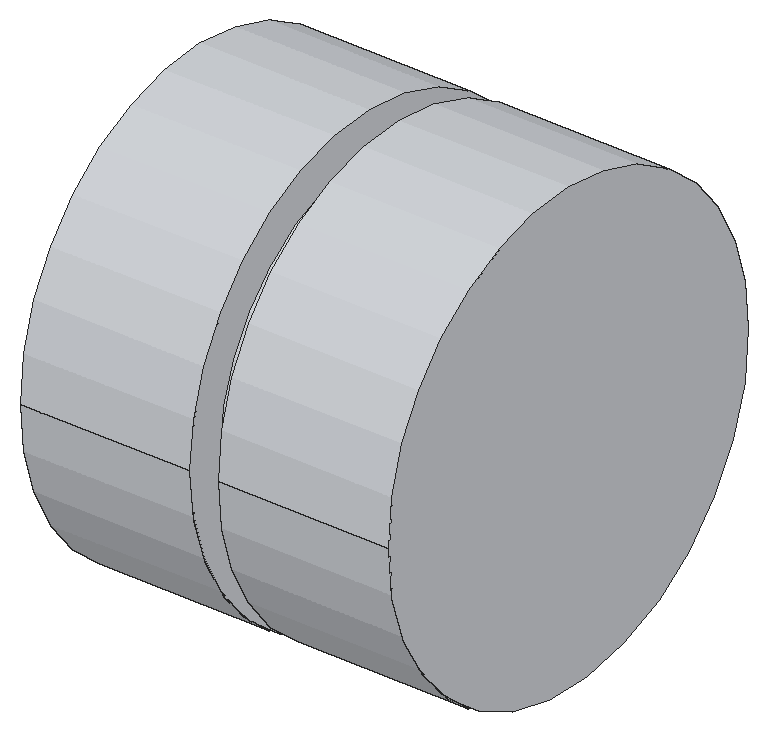
Revit family "M_Ligação - PVC - Sch 40 - DWV", category Conexões de tubo, Revit 2019
Family settings
  Cota do conector redondo = Usar raio
  Tipo de parte = União
  Número OmniClass = 23.60.30.11.14
  Título OmniClass = Pipework Fittings
  ID de item do Seek = Coupling - PVC - Sch 40 - DWV-0000-CAN-ENU
  Com base no plano de trabalho = Não
  Sempre na vertical = Sim
  Corte com vazios quando carregada = Não
  Compartilhado = Não
Parameters (values of type "Padrão")
  Espessura da parede [instance] = size_lookup(Nome da tabela de pesquisa, "WThk", 0.02 * Diâmetro nominal + 3.274 mm, Diâmetro nominal)  # 3.962 mm
  Tamanho da marca de revisão [instance] = Diâmetro externo da conexão * 0.4  # 16.866 mm
  Raio externo do soquete [instance] = Diâmetro externo do soquete / 2  # 25.235 mm
  Diâmetro externo do soquete [instance] = Diâmetro da entrada do soquete + Espessura da parede * 2  # 50.47 mm
  Diâmetro da entrada do soquete [instance] = size_lookup(Nome da tabela de pesquisa, "SED", 1.04 * Diâmetro nominal + 9.426 mm, Diâmetro nominal)  # 42.545 mm
  Raio nominal [instance] = 16 mm
  Diâmetro nominal [instance] = Raio nominal * 2  # 32 mm
  Método de perda = Não definido
  Nome da tabela de pesquisa = "M_Coupling - PVC - Sch 40 - DWV"
  Comprimento [instance] = size_lookup(Nome da tabela de pesquisa, "Lgt", 1.07 * Diâmetro nominal - 7.838 mm, Diâmetro nominal)  # 41.275 mm
  Raio externo da conexão [instance] = Diâmetro externo da conexão / 2  # 21.082 mm
  Diâmetro externo da conexão [instance] = size_lookup(Nome da tabela de pesquisa, "FOD", 1.04 * Diâmetro nominal + 9.128 mm, Diâmetro nominal)  # 42.164 mm
  Comprimento da conexão [instance] = size_lookup(Nome da tabela de pesquisa, "FLgt", 0.02 * Diâmetro nominal + 2.778 mm, Diâmetro nominal)  # 3.175 mm
Reference planes
  plane 1 "Centro (Frente/Trás)": y = 0
  plane 2: z = 0
  plane 3 "Centro (Esquerda/Direita)": x = 0
  plane 4: x = -1.587
  plane 5: x = 1.588
  plane 6: x = -20.637
  plane 7: x = 20.638
Forms (mm)
  Sweep 1, solid, detail levels fine
    path in 3D
      loop
        line (-1.587, 0, 0) -> (1.588, 0, 0)
    profile origin (0, 0, 0) x (0, 1, 0) y (0, 0, 1)
      loop
        circle (0, 0) r 21.082
  Sweep 2, solid, detail levels fine
    path in 3D
      loop
        line (-20.637, 0, 0) -> (-1.587, 0, 0)
    profile origin (-11.112, 0, 0) x (0, 1, 0) y (0, 0, 1)
      loop
        circle (0, 0) r 25.235
  Sweep 3, solid, detail levels fine
    path in 3D
      loop
        line (1.588, 0, 0) -> (20.638, 0, 0)
    profile origin (11.113, 0, 0) x (0, 1, 0) y (0, 0, 1)
      loop
        circle (0, 0) r 25.235
Cuts and joins
  joined: Sweep 1, Sweep 2, Sweep 3
Lines and regions (mm)
  model lines, detail levels coarse+medium
    curve 1: line (-1.587, 0, 0) -> (1.588, 0, 0)
    curve 3: line (-20.637, 0, 0) -> (-1.587, 0, 0)
    curve 5: line (1.588, 0, 0) -> (20.638, 0, 0)
    curve 7: line (-20.637, 16.866, 0) -> (-20.637, 0, 0)
    curve 8: line (-20.637, -16.866, 0) -> (-20.637, 0, 0)
    curve 9: line (20.638, 16.866, 0) -> (20.638, 0, 0)
    curve 10: line (20.638, -16.866, 0) -> (20.638, 0, 0)
  sketch lines
    curve 2: line (-1.587, 0, 0) -> (1.588, 0, 0)
    curve 4: line (-20.637, 0, 0) -> (-1.587, 0, 0)
    curve 6: line (1.588, 0, 0) -> (20.638, 0, 0)
Dimensions and locks
  equal spacing: plane 4, plane 3 "Centro (Esquerda/Direita)", plane 5
  "Comprimento da conexão": plane 4 to plane 5
  equal spacing: plane 6, plane 3 "Centro (Esquerda/Direita)", plane 7
  "Comprimento": plane 6 to plane 7
  "Tamanho da marca de revisão": curve 7 to curve 7
  "Tamanho da marca de revisão": curve 8 to curve 8
  "Tamanho da marca de revisão": curve 9 to curve 9
  "Tamanho da marca de revisão": curve 10 to curve 10
  "Raio externo da conexão": radius of Sweep 1 sketch curve
  "Raio externo do soquete": radius of Sweep 2 sketch curve
  "Raio externo do soquete": radius of Sweep 3 sketch curve
  aligned and locked: plane 4 to curve 1
  aligned and locked: plane 5 to curve 1
  aligned and locked: plane 1 "Centro (Frente/Trás)" to curve 1
  aligned and locked: plane 6 to curve 3
  aligned and locked: plane 1 "Centro (Frente/Trás)" to curve 3
  aligned and locked: plane 7 to curve 5
  aligned and locked: plane 1 "Centro (Frente/Trás)" to curve 5
  aligned and locked: curve 7 to plane 6
  aligned and locked: plane 6 to curve 8
  aligned and locked: plane 1 "Centro (Frente/Trás)" to curve 9
  aligned and locked: plane 7 to curve 9
  aligned and locked: curve 10 to plane 7
Automatic sketch dimensions
  Sweep 1 sketch curve to profile plane = 0 mm  (x2)
  Sweep 2 sketch curve to profile plane = 0 mm  (x2)
  Sweep 3 sketch curve to profile plane = 0 mm  (x2)
Connectors
  piping at (-20.637, 0, 0), diameter 32, driven by "Raio nominal"
    settings: on Sweep 2, index 1, connector inside diameter 32 mm, connector length 0 mm, flow factor 0, pipe flow 0.0 L/s, pressure drop 0.0 Pa, fitting loss kfactor 0, connector angle 0.00°, fixture units 0, engagement length 0 mm, angle of deflection 0.00°, flow configuration 0, flow direction 0, fitting loss method 0, system type 28, joint type 0, gender type 0, connector reference index 2, connector utility 0, adjustable connector no, is connector primary yes, connector description ""
  piping at (20.638, 0, 0), diameter 32, driven by "Raio nominal"
    settings: on Sweep 3, index 2, connector inside diameter 32 mm, connector length 0 mm, flow factor 0, pipe flow 0.0 L/s, pressure drop 0.0 Pa, fitting loss kfactor 0, connector angle 0.00°, fixture units 0, engagement length 0 mm, angle of deflection 0.00°, flow configuration 0, flow direction 0, fitting loss method 0, system type 28, joint type 0, gender type 0, connector reference index 1, connector utility 0, adjustable connector no, is connector primary no, connector description ""
